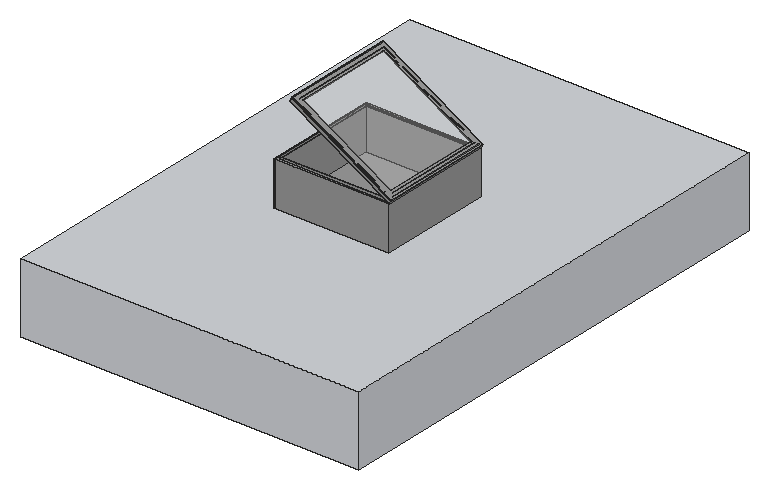
Revit family "Hager-Orion_Inox-IP66-D210-Cl.I-Inox_encl-630A-500mm-CH-it", category Equipement électrique, Revit 2020
Family settings
  Hôte = Face
  Configuration du panneau = Deux colonnes, circuits au sein
  Cote de connecteur circulaire = Utiliser le diamètre
  Type d'élément = Tableau de raccordement
  Couper avec des vides une fois chargée = Non
  Partagée = Non
  Point de calcul de pièce = Non
Parameters (values of type "A parete IP66 L500 A500 P210  - FL023TWL")
  Width Control [instance] = if([EF000008 - Larghezza] > Min Width, [EF000008 - Larghezza], Min Width)  # 500 mm
  Commentaires du type = [HG000003 - Gamma]  # "Orion Inox"
  Thickness Door [instance] = if([EF009171 - spessore materiale porta/coperchio] > 3 mm, 3 mm, [EF009171 - spessore materiale porta/coperchio])  # 1.5 mm
  Seal Frame Offset [instance] = 17 mm  # constant formula
  Model = ""
  Min Width [instance] = 100 mm  # constant formula
  Min Height [instance] = 100 mm  # constant formula
  Min Depth [instance] = (2 * [EF009170 - spessore materiale scatola]) + 1 mm  # 4 mm
  Internal Frame Depth [instance] = (Door System Depth * 0.5)  # 9 mm
  Height Control [instance] = if([EF000040 - Altezza] > Min Height, [EF000040 - Altezza], Min Height)  # 500 mm
  HG000027 - Altezza dello zoccolo = 0 mm
  HG000026 - A pavimento = no
  HG000024 - Altezza della sezione inferiore = 800 mm
  HG000023 - Custodia a doppia sezione = no
  HG000016 - Visibilità delle porte nella vista 3D [instance] = yes
  HG000015 - Visibilità attraverso la porta [instance] = no
  HG000014 - Porta destra [instance] = yes
  HG000013 - Porta sinistra [instance] = not([HG000014 - Porta destra])  # no
  HG000012 - Angolo di apertura della porta [instance] = 30.00°
  HG000010 - Porte asimmetriche = no
  HG000009 - Porta doppia a battente = no
  HG000006 - Ad incasso = no
  HG000004 - Codice produttore = "FL023TWL"
  HG000003 - Gamma = "Orion Inox"
  HG000002 - Con porta = yes
  Frame Offset Bottom [instance] = 10 mm  # constant formula
  Frame Offset [instance] = 15 mm  # constant formula
  EF015940 - Coprire con rilascio di sovrapressione = no
  EF011959 - tipo di protezione (NEMA) = ""
  EF009554 - numero delle aperture per la piastra della flangia = 0
  Fabricant = "Hager"  # constant formula
  EF009212 - esecuzione coperchio = "EV000116 - chiuso"
  EF009171 - spessore materiale porta/coperchio = 1.5 mm
  EF009170 - spessore materiale scatola = 1.5 mm
  EF008873 - corrente nominale (In) = 630 A
  EF007800 - adatto per parafulmine = no
  EF006306 - con serratura = yes
  EF006244 - coperchio/porta trasparente = yes
  EF005474 - grado di protezione (IP) = "EV006422 - IP66"
  EF004464 - tipo di porta = "EV002646 - singolo"
  EF004427 - numero di moduli = 0
  EF004293 - resistenza agli urti = "EV006814 - IK08"
  EF003532 - adatto per uso esterno = yes
  EF002950 - Numero moduli DIN = 0
  EF001613 - Integrità del circuito = "EV000494 - senza"
  EF001596 - Attacco Lampada = "EV000166 - acciaio inossidabile"
  EF001131 - profondità interna = 176 mm
  EF001088 - possibilità di applicazione = yes
  EF000437 - numero di ingressi per conduttori = 0
  EF000339 - tipo di copertura = "EV004216 - porta"
  EF000266 - numero di file = 0
  EF000218 - profondità di incasso = 0 mm
  EF000118 - con piastra di montaggio = no
  EF000116 - numero RAL = ""
  EF000049 - profondità = 210 mm
  EF000040 - Altezza = 500 mm
  EF000008 - Larghezza = 500 mm
  EF000007 - colore = "EV000154 - altri"
  EF000003 - Tipo di montaggio = "EV000384 - A parete"
  Door System Leaf Tolerance [instance] = 1.5 mm  # constant formula
  Door System Depth [instance] = 18 mm  # constant formula
  Depth Control [instance] = if([EF000049 - profondità] > Min Depth, [EF000049 - profondità], Min Depth)  # 210 mm
  Default Elevation = 0 mm
Types (8, lengths in mm): name | Width Control | HG000004 - Codice produttore | EF009212 - esecuzione coperchio | EF006306 - con serratura | EF006244 - coperchio/porta trasparente | EF004293 - resistenza agli urti | EF001613 - Integrità del circuito | EF000008 - Larghezza
  A parete IP66 L400 A500 P210  - FL021BW | 400 | "FL021BW" | "EV009916 - con taglio" | no | no | "EV008784 - IK10" | "" | 400
  A parete IP66 L400 A500 P210  - FL021BWL | 400 | "FL021BWL" | "EV009916 - con taglio" | no | no | "EV008784 - IK10" | "" | 400
  A parete IP66 L400 A500 P210  - FL021TW | 400 | "FL021TW" | "EV000116 - chiuso" | yes | yes | "EV006814 - IK08" | "EV000494 - senza" | 400
  A parete IP66 L400 A500 P210  - FL021TWL | 400 | "FL021TWL" | "EV000116 - chiuso" | yes | yes | "EV006814 - IK08" | "EV000494 - senza" | 400
  A parete IP66 L500 A500 P210  - FL023BW | 500 | "FL023BW" | "EV000116 - chiuso" | yes | no | "EV008784 - IK10" | "EV000494 - senza" | 500
  A parete IP66 L500 A500 P210  - FL023BWL | 500 | "FL023BWL" | "EV000116 - chiuso" | yes | no | "EV008784 - IK10" | "EV000494 - senza" | 500
  A parete IP66 L500 A500 P210  - FL023TW | 500 | "FL023TW" | "EV000116 - chiuso" | yes | yes | "EV006814 - IK08" | "EV000494 - senza" | 500
  A parete IP66 L500 A500 P210  - FL023TWL | 500 | "FL023TWL" | "EV000116 - chiuso" | yes | yes | "EV006814 - IK08" | "EV000494 - senza" | 500
Reference planes
  plane 1 "Center (Front/Back)": y = 0
  plane 2: z = 0
  plane 3 "Center (Left/Right)": x = 0
  plane 4: z = 210
  plane 5: y = 1.5
  plane 6: y = 250
  plane 7: y = 0
  plane 8: y = 500
  plane 9: z = 0
  plane 10: x = -235
  plane 11: x = 235
  plane 12: x = 233.5
  plane 13: x = -233.5
  plane 14: y = 498.5
  plane 15: x = -233
  plane 16: x = -250
  plane 17: x = 233
  plane 18: x = 250
  plane 19: x = 248.5
  plane 20: x = -248.5
  plane 21: y = 11.5
  plane 22: y = 500
  plane 23: y = 483.5
  plane 24: z = 192
  plane 25: z = 1.5
  plane 26: z = 190.5
  plane 27: z = 208.5
Forms (mm)
  Extrusion 1, solid
    sketch origin (0, 0, 0) x (1, 0, 0) y (0, 1, 0)
      loop
        line (-702.964, 1305) -> (-702.964, -811.445) -> (766.763, -811.445) -> (766.763, 1305) -> (-702.964, 1305)
    from 0 to -304.8
  Extrusion 2, solid, material "Hager_Stainless_Steel", detail levels medium+fine
    sketch origin (0, 0, 0) x (1, 0, 0) y (0, 1, 0)
      loop
        line (-250, 0) -> (250, 0) -> (250, 500) -> (-250, 500) -> (-250, 0)
    from 0 to 192
  Extrusion 3, solid, material "Hager_Steel_RAL 7035_Light_Grey", not visible, detail levels medium+fine
    sketch origin (0, 28.16, 50.802) x (0, 1, 0) y (0, 0, 1)
      loop
        line (273.34, -50.802) -> (273.34, 147.698)
        arc (273.34, 147.698) -> (270.411, 154.769) -> (263.34, 157.698) r 10
        line (263.34, 157.698) -> (233.34, 157.698) -> (233.34, -50.802) -> (273.34, -50.802)
    from -248.5 to 248.5
  Extrusion 4, void
    sketch origin (0, 0, 0) x (1, 0, 0) y (0, 1, 0)
      loop
        line (-248.5, 1.5) -> (248.5, 1.5) -> (248.5, 498.5) -> (-248.5, 498.5) -> (-248.5, 1.5)
    from 1.5 to 190.5
  Extrusion 5, void
    sketch origin (-381.607, -4572, 192) x (0, -1, 0) y (-1, 0, 0)
      loop
        line (-4583.5, -148.107) -> (-5055.5, -148.107) -> (-5055.5, -615.107) -> (-4583.5, -615.107) -> (-4583.5, -148.107)
    from 0 to 1.5 <- "EF009170 - spessore materiale scatola"
  Extrusion 6, solid, material "Hager_Stainless_Steel", detail levels fine
    sketch origin (-381.607, -4572, 192) x (-1, 0, 0) y (0, -1, 0)
      loop
        line (-148.107, -4583.5) -> (-615.107, -4583.5) -> (-615.107, -5055.5) -> (-148.107, -5055.5) -> (-148.107, -4583.5)
      loop
        line (-147.107, -4582) -> (-616.107, -4582) -> (-616.107, -5057) -> (-147.107, -5057) -> (-147.107, -4582)
    from 0 to 9 <- "Internal Frame Depth"
  Extrusion 7, solid, material "Hager_Stainless_Steel", detail levels coarse
    sketch origin (0, 0, 0) x (1, 0, 0) y (0, 1, 0)
      loop
        line (-250, 0) -> (250, 0) -> (250, 500) -> (-250, 500) -> (-250, 0)
    from 0 to 210
Cuts and joins
  Extrusion 4, Extrusion 5 cuts Extrusion 2
Lines and regions (mm)
  Masking region 1
    outline origin (0, 0, 0) x (1, 0, 0) y (0, 0, 1)
      loop
        line (-250, 210) -> (-250, 0) -> (250, 0) -> (250, 210) -> (-250, 210)
  Masking region 2, detail levels medium+fine
    outline origin (0, 140, 0) x (0, 1, 0) y (0, 0, 1)
      loop
        line (-140, 0) -> (360, 0) -> (360, 192) -> (-140, 192) -> (-140, 0)
  Masking region 3, not visible, detail levels medium+fine
    outline origin (0, 297.922, 0) x (0, 1, 0) y (0, 0, 1)
      loop
        line (-36.422, 0) -> (3.578, 0) -> (3.578, 198.5)
        arc (3.578, 198.5) -> (0.649, 205.571) -> (-6.422, 208.5) r 10
        line (-6.422, 208.5) -> (-36.422, 208.5) -> (-36.422, 0)
  Masking region 4, detail levels coarse
    outline origin (0, 0, 180) x (0, 1, 0) y (0, 0, 1)
      loop
        line (0, -180) -> (500, -180) -> (500, 30) -> (0, 30) -> (0, -180)
  Masking region 5
    outline origin (-381.607, -4572, 192) x (-1, 0, 0) y (0, -1, 0)
      loop
        line (-131.607, -5072) -> (-131.607, -4572) -> (-631.607, -4572) -> (-631.607, -5072) -> (-131.607, -5072)
Dimensions and locks
  "Depth Control": plane 4 to Extrusion 1
  "EF009170 - spessore materiale scatola": plane 5 to plane 7
  locked: connector elem to plane 3 "Center (Left/Right)"
  equal spacing: plane 8, plane 6, plane 7
  locked: connector elem to plane 6
  "EF009170 - spessore materiale scatola": plane 8 to plane 14
  "EF009170 - spessore materiale scatola": plane 10 to plane 13
  "EF009170 - spessore materiale scatola": plane 12 to plane 11
  "Frame Offset": plane 20 to plane 13
  "Frame Offset": plane 12 to plane 19
  "EF009170 - spessore materiale scatola": plane 16 to plane 20
  "EF009170 - spessore materiale scatola": plane 19 to plane 18
  "Seal Frame Offset": plane 16 to plane 15
  "Seal Frame Offset": plane 17 to plane 18
  "Frame Offset Bottom": plane 21 to plane 5
  "Frame Offset": plane 14 to plane 23
  equal spacing: plane 16, plane 3 "Center (Left/Right)", plane 18
  "Width Control": plane 16 to plane 18
  "EF009170 - spessore materiale scatola": plane 4 to plane 27
  "EF009170 - spessore materiale scatola": plane 24 to plane 26
  "EF009170 - spessore materiale scatola": plane 25 to level
  "Door System Depth": plane 4 to plane 24
  "Height Control": plane 1 "Center (Front/Back)" to Extrusion 7 sketch curve
  "Height Control": Masking region 4 sketch curve to plane 1 "Center (Front/Back)"
  "Thickness Door": Extrusion 6 sketch curve to plane 15
  "Thickness Door": plane 21 to Extrusion 6 sketch curve
  "Thickness Door": plane 17 to Extrusion 6 sketch curve
  "Thickness Door": Extrusion 6 sketch curve to plane 23
  "Height Control": plane 1 "Center (Front/Back)" to plane 22
  radius of Masking region 3 sketch curve = 10 mm
  radius of Extrusion 3 sketch curve = 10 mm
  aligned and locked: plane 2 to Extrusion 1
  aligned and locked: level to Extrusion 1
  aligned and locked: level to Masking region 1 sketch curve
  aligned and locked: Masking region 1 sketch curve to plane 18
  aligned and locked: Masking region 1 sketch curve to plane 16
  aligned and locked: plane 7 to Masking region 2 sketch curve
  aligned and locked: level to Masking region 3 sketch curve
  aligned and locked: Masking region 3 sketch curve to plane 27
  aligned and locked: level to Masking region 2 sketch curve
  aligned and locked: Extrusion 2 sketch curve to plane 7
  aligned and locked: plane 16 to Extrusion 2 sketch curve
  aligned and locked: plane 18 to Extrusion 2 sketch curve
  aligned and locked: Extrusion 3 sketch curve to level
  aligned and locked: plane 27 to Extrusion 3 sketch curve
  aligned and locked: plane 20 to Extrusion 3
  aligned and locked: plane 19 to Extrusion 3
  aligned and locked: plane 20 to Extrusion 4 sketch curve
  aligned and locked: plane 19 to Extrusion 4 sketch curve
  aligned and locked: Extrusion 4 sketch curve to plane 5
  aligned and locked: Extrusion 4 to plane 25
  aligned and locked: plane 26 to Extrusion 4
  aligned and locked: plane 24 to Extrusion 2
  aligned and locked: Extrusion 5 sketch curve to plane 21
  aligned and locked: Extrusion 5 sketch curve to plane 13
  aligned and locked: Extrusion 5 sketch curve to plane 12
  aligned and locked: plane 18 to Extrusion 7 sketch curve
  aligned and locked: plane 1 "Center (Front/Back)" to Extrusion 7 sketch curve
  aligned and locked: plane 16 to Extrusion 7 sketch curve
  aligned and locked: plane 4 to Extrusion 7
  aligned and locked: Extrusion 7 to level
  aligned and locked: level to Masking region 4 sketch curve
  aligned and locked: Masking region 4 sketch curve to plane 1 "Center (Front/Back)"
  aligned and locked: Masking region 4 sketch curve to plane 4
  aligned and locked: nested 1 to level
  aligned and locked: nested 1 to plane 16
  aligned and locked: plane 8 to Extrusion 2 sketch curve
  aligned and locked: plane 23 to Extrusion 5 sketch curve
  aligned and locked: plane 14 to Extrusion 4 sketch curve
  aligned and locked: Extrusion 6 sketch curve to plane 21
  aligned and locked: plane 13 to Extrusion 6 sketch curve
  aligned and locked: plane 23 to Extrusion 6 sketch curve
  aligned and locked: plane 12 to Extrusion 6 sketch curve
  aligned and locked: Masking region 2 sketch curve to plane 8
  aligned and locked: Masking region 2 sketch curve to plane 24
  aligned and locked: nested 2 to plane 3 "Center (Left/Right)"
  aligned and locked: nested 2 to plane 24
  aligned and locked: Masking region 5 sketch curve to plane 1 "Center (Front/Back)"
  aligned and locked: Masking region 5 sketch curve to plane 18
  aligned and locked: Masking region 5 sketch curve to plane 22
  aligned and locked: Masking region 5 sketch curve to plane 16
  aligned and locked: plane 8 to plane 22
  aligned and locked: plane 7 to plane 1 "Center (Front/Back)"
  aligned and locked: nested 2 to plane 1 "Center (Front/Back)"
Automatic sketch dimensions
  Extrusion 1 sketch curve to Extrusion 1 sketch curve = 1469.727 mm
  Extrusion 1 sketch curve to Extrusion 1 sketch curve = 2116.445 mm
  plane 6 to Masking region 3 sketch curve = 11.5 mm
  Masking region 3 sketch curve to Masking region 3 sketch curve = 30 mm
  plane 6 to Extrusion 3 sketch curve = 11.5 mm
  Extrusion 3 sketch curve to Extrusion 3 sketch curve = 30 mm
  Masking region 1 sketch curve to plane 4 = 0 mm
Nested families
  nested 1: "Hager_Enclosure_Symbol" at (-250, 0, 0) x (1, 0, 0) z (0, -1, 0), Height <- "Depth Control", Width <- "Width Control", type "Hager_Enclosure_Symbol"
    with Width_Ctrl 500 mm, Width 500 mm, Height_Ctrl 210 mm, Height 210 mm, A_Width_Int 13.781 mm, A_Width 165.375 mm, A_Height_Ctrl 183.75 mm, A_Height 183.75 mm
  nested 2: "EC000058_OrionInox_Door" at (0, 500, 192) x (1, 0, 0) z (0, -1, 0), Leaf_Tolerance <- "Door System Leaf Tolerance", Angle <- "HG000012 - Angolo di apertura della porta", Door_Depth <- "Door System Depth", Door_Left <- "HG000013 - Porta sinistra", Transparent <- "EF006244 - coperchio/porta trasparente", Assymetrical <- "HG000010 - Porte asimmetriche", Width <- "Width Control", Clearance <- "HG000015 - Visibilità attraverso la porta", Double <- "HG000009 - Porta doppia a battente", 3d_Door <- "HG000016 - Visibilità delle porte nella vista 3D", Width_Ctrl <- "Width Control", Door_Right <- "HG000014 - Porta destra", Door <- "HG000002 - Con porta", Height <- "Height Control", Thickness <- "Thickness Door", type "EC000058_OrionInox_Door", detail levels medium+fine
    with min_wh 4 mm, Width_Ctrl 500 mm, Width 500 mm, Transparent yes, Thickness 1.5 mm, Seal_Material Hager_Rubber, Leaf_Width 500 mm, Leaf_Tolerance_External_Sides 0 mm, Leaf_Tolerance 1.5 mm, Leaf_Offset 0 mm, Leaf_Height 497 mm, Leaf_2_Width 500 mm, Leaf_2_Offset 250 mm, Leaf_1_Width 500 mm, Leaf_1_Offset 250 mm, Height_Ctrl 500 mm, Height 500 mm, Glass_Material Hager_Glass, Double_Clearance_Ctrl no, Double no, Door_Right_Ctrl yes, Door_Right yes, Door_Material Hager_Stainless_Steel, Door_Left_Ctrl no, Door_Left no, Door_Depth 18 mm, Door yes, Clearance_Material Hager_Clearance, Clearance_Depth 500 mm, Clearance_Ctrl no, Clearance no, Assymetrical no, Angle 30.00°, 3d_Door yes
Connectors
  electrical at (0, 250, 0)
    settings: on plane 9, index 1, voltage 0 V, apparent load 0 VA, apparent load phase1 0 VA, apparent load phase2 0 VA, apparent load phase3 0 VA, power factor 1, load classification "Other", number of poles 1, system type 30, power factor state 1, is connector primary yes, connector utility no, sub classification motor no, connector description ""
Definition of nested family "EC000058_OrionInox_Door"
  Parameters (values of type "EC000058_OrionInox_Door")
    min_wh [instance] = (2 * Thickness) + 1 mm  # 11 mm
    Width_Ctrl [instance] = 400 mm
    Width [instance] = 500 mm
    Transparent [instance] = yes
    Thickness [instance] = 5 mm
    Seal_Material [instance] = none
    Leaf_Width [instance] = if((Width_Ctrl - 2 * Leaf_Tolerance_External_Sides) > 0 mm, (Width_Ctrl - 2 * Leaf_Tolerance_External_Sides), min_wh)  # 400 mm
    Leaf_Tolerance_External_Sides [instance] = 0 mm  # constant formula
    Leaf_Tolerance [instance] = 1.5 mm
    Leaf_Offset [instance] = 0 mm  # constant formula
    Leaf_Height [instance] = if((Height_Ctrl - 2 * Leaf_Tolerance) > 0 mm, (Height_Ctrl - 2 * Leaf_Tolerance), min_wh)  # 497 mm
    Leaf_2_Width [instance] = if(and(and(Double, Assymetrical), Door_Left), (Leaf_Width / 3) - (Leaf_Tolerance / 2), if(and(and(Double, Assymetrical), Door_Right), (Leaf_Width / 3) * 2 - (Leaf_Tolerance / 2), if(and(Double, not(Assymetrical)), (Leaf_Width / 2) - Leaf_Tolerance, Leaf_Width)))  # 400 mm
    Leaf_2_Offset [instance] = if(and(Double, Assymetrical), Leaf_2_Width / 2, if(and(Double, not(Assymetrical)), Leaf_Width / 4, Leaf_Width / 2))  # 200 mm
    Leaf_1_Width [instance] = if(and(and(Double, Assymetrical), Door_Right), (Leaf_Width / 3) - (Leaf_Tolerance / 2), if(and(and(Double, Assymetrical), Door_Left), (Width / 3) * 2 - (Leaf_Tolerance / 2), if(and(Double, not(Assymetrical)), (Leaf_Width / 2) - Leaf_Tolerance, Leaf_Width)))  # 400 mm
    Leaf_1_Offset [instance] = if(and(Double, Assymetrical), Leaf_1_Width / 2, if(and(Double, not(Assymetrical)), Leaf_Width / 4, Leaf_Width / 2))  # 200 mm
    Height_Ctrl [instance] = if(Height > min_wh, Height, min_wh)  # 500 mm
    Height [instance] = 500 mm
    Glass_Material [instance] = none
    Double_Clearance_Ctrl [instance] = and(Double, Clearance)  # no
    Double [instance] = no
    Door_Right_Ctrl [instance] = and(or(Door_Right, Double), Door)  # yes
    Door_Right [instance] = yes
    Door_Material [instance] = none
    Door_Left_Ctrl [instance] = and(or(Door_Left, Double), Door)  # no
    Door_Left [instance] = no
    Door_Depth [instance] = 30 mm
    Door [instance] = yes
    Default Elevation = 1219.2 mm
    Clearance_Material [instance] = none
    Clearance_Depth [instance] = if(Leaf_1_Width > Leaf_2_Width, Leaf_1_Width, Leaf_2_Width)  # 400 mm
    Clearance_Ctrl [instance] = and(not(Double), Clearance)  # yes
    Clearance [instance] = yes
    Assymetrical [instance] = yes
    Angle [instance] = 30.00°
    3d_Door [instance] = yes
  Reference planes
    plane 1 "Center (Front/Back)": y = 0
    plane 2 "Bottom": z = 0
    plane 3 "Center (Left/Right)": x = 0
    plane 4: z = 500
    plane 5: x = -200
    plane 6: x = 200
    plane 7: z = 500
    plane 8: x = -200
    plane 9: z = 0
    plane 10: x = 200
    plane 11: y = 0
    plane 12: z = 1.5
    plane 13: x = -600
    plane 14: y = -400
    plane 15: x = 600
    plane 16: x = 0
    plane 17: x = 0
    plane 18: x = -200
    plane 19: x = 200
    plane 20: z = 498.5
  Forms (mm)
    Extrusion 1, solid, material <- "Clearance_Material", visible <- "Double_Clearance_Ctrl"
      sketch origin (1200, 0, 0) x (1, 0, 0) y (0, 0, -1)
        loop
          line (-1800, -498.5) -> (-600, -498.5) -> (-600, 0) -> (-1800, 0) -> (-1800, -498.5)
      from 0 to -400
  Dimensions and locks
    equal spacing: plane 5, plane 3 "Center (Left/Right)", plane 6
    "Width_Ctrl": plane 5 to plane 6
    "Leaf_Offset": plane 5 to plane 8
    "Leaf_Offset": plane 6 to plane 10
    "Leaf_Offset": plane 9 to level
    "Leaf_Offset": plane 4 to plane 7
    "Height_Ctrl": plane 4 to level
    "Leaf_Tolerance": plane 12 to plane 9
    locked: plane 11 to plane 1 "Center (Front/Back)"
    "Leaf_1_Offset": plane 18 to plane 16
    "Leaf_2_Offset": plane 17 to plane 19
    "Leaf_1_Width": plane 13 to plane 8
    "Leaf_2_Width": plane 10 to plane 15
    "Clearance_Depth": plane 14 to plane 1 "Center (Front/Back)"
    "Leaf_Tolerance_External_Sides": plane 8 to plane 18
    "Leaf_Tolerance_External_Sides": plane 19 to plane 10
    "Leaf_Tolerance": plane 7 to plane 20
    aligned and locked: level to plane 2 "Bottom"
    aligned and locked: nested 1 to plane 16
    aligned and locked: nested 2 to plane 17
    aligned and locked: Extrusion 1 to plane 13
    aligned and locked: plane 15 to Extrusion 1
    aligned and locked: Extrusion 1 to plane 14
    aligned and locked: plane 12 to nested 1
    aligned and locked: nested 2 to plane 12
    aligned and locked: Extrusion 1 to plane 11
    aligned and locked: plane 20 to Extrusion 1
    aligned and locked: nested 2 to plane 11
    aligned and locked: nested 1 to plane 11
  Automatic sketch dimensions
    Extrusion 1 sketch curve to level = 0 mm
    plane 5 to Extrusion 1 sketch curve = 400 mm
    plane 6 to Extrusion 1 sketch curve = 400 mm
    Extrusion 1 sketch curve to plane 4 = 1.5 mm
  Nested families
    nested 1: "EC000058_OrionInox_Door_Leaf" at (0, 0, 1.5), Width <- "Leaf_1_Width", visible <- "Door_Left_Ctrl", Leaf_Height <- "Leaf_Height", Angle <- "Angle", 3d_Door <- "3d_Door", Transparent <- "Transparent", Clearance Material <- "Clearance_Material", Clearance <- "Clearance_Ctrl", Door_Material <- "Door_Material", Glass_Material <- "Glass_Material", Door_Depth <- "Door_Depth", Seal_Material <- "Seal_Material", Thickness <- "Thickness", type "EC000058_OrionInox_Door_Leaf"
      with Width 400 mm, Transparent_Ctrl yes, Transparent yes, Thickness 5 mm, Standard no, Seal_Material none, Seal_D2 8 mm, Seal_D1 1 mm, Offset_Internal_Frame 10 mm, Lock_Width 28 mm, Lock_Thickness 2 mm, Lock_Radius 6 mm, Leaf_Height 497 mm, Internal_Seal_Thickness 8 mm, Internal_Seal_Depth_2 4.5 mm, Internal_Frame_Depth 25 mm, Glass_Thickness -1 mm, Glass_Offset -2 mm, Glass_Material none, Door_Material none, Door_Depth 30 mm, Clearance Material none, Clearance yes, Angle_Ctrl 30.00°, Angle 30.00°, 3d_Door yes
    nested 2: "EC000058_OrionInox_Door_Leaf" at (0, 0, 1.5) x (-1, 0, 0) z (0, 0, 1), Width <- "Leaf_2_Width", visible <- "Door_Right_Ctrl", Leaf_Height <- "Leaf_Height", Angle <- "Angle", 3d_Door <- "3d_Door", Transparent <- "Transparent", Clearance Material <- "Clearance_Material", Clearance <- "Clearance_Ctrl", Door_Material <- "Door_Material", Glass_Material <- "Glass_Material", Door_Depth <- "Door_Depth", Seal_Material <- "Seal_Material", Thickness <- "Thickness", type "EC000058_OrionInox_Door_Leaf"
      with Width 400 mm, Transparent_Ctrl yes, Transparent yes, Thickness 5 mm, Standard no, Seal_Material none, Seal_D2 8 mm, Seal_D1 1 mm, Offset_Internal_Frame 10 mm, Lock_Width 28 mm, Lock_Thickness 2 mm, Lock_Radius 6 mm, Leaf_Height 497 mm, Internal_Seal_Thickness 8 mm, Internal_Seal_Depth_2 4.5 mm, Internal_Frame_Depth 25 mm, Glass_Thickness -1 mm, Glass_Offset -2 mm, Glass_Material none, Door_Material none, Door_Depth 30 mm, Clearance Material none, Clearance yes, Angle_Ctrl 30.00°, Angle 30.00°, 3d_Door yes
  Definition of nested family "EC000058_OrionInox_Door_Leaf"
    Parameters (values of type "EC000058_OrionInox_Door_Leaf")
      Width [instance] = 450 mm
      Transparent_Ctrl [instance] = and(Transparent, [3d_Door])  # yes
      Transparent [instance] = yes
      Thickness [instance] = 5 mm
      Standard [instance] = and(not(Transparent), [3d_Door])  # no
      Seal_Material [instance] = none
      Seal_D2 [instance] = 8 mm  # constant formula
      Seal_D1 [instance] = 1 mm  # constant formula
      Offset_Internal_Frame [instance] = 10 mm  # constant formula
      Lock_Width [instance] = Door_Depth - Lock_Thickness  # 28 mm
      Lock_Thickness [instance] = 2 mm  # constant formula
      Lock_Radius [instance] = 6 mm  # constant formula
      Leaf_Height [instance] = 450 mm
      Internal_Seal_Thickness [instance] = 8 mm  # constant formula
      Internal_Seal_Depth_2 [instance] = 4.5 mm  # constant formula
      Internal_Frame_Depth [instance] = if(Door_Depth - Thickness > 5 mm, Door_Depth - Thickness, 5 mm)  # 25 mm
      Glass_Thickness [instance] = if(Thickness > 15 mm, Glass_Offset + 10 mm, -1 mm)  # -1 mm
      Glass_Offset [instance] = if(Thickness > 15 mm, -(Thickness + 10 mm) / 2, -2 mm)  # -2 mm
      Glass_Material [instance] = none
      Door_Material [instance] = none
      Door_Depth [instance] = 30 mm
      Default Elevation = 0 mm
      Clearance Material [instance] = none
      Clearance [instance] = yes
      Angle_Ctrl [instance] = if(Angle > 180.00°, 180.00°, Angle)  # 90.00°
      Angle [instance] = 90.00°
      3d_Door [instance] = yes
    Reference planes
      plane 1 "Center (Front/Back)": y = 0
      plane 2: z = 0
      plane 3 "Center (Left/Right)": x = 0
      plane 4: y = 450
      plane 5: x = -225
      plane 6: x = 225
      plane 7: x = -675
      plane 8: z = 450
      plane 9: z = 30
      plane 10: z = 420
      plane 11: x = 195
      plane 12: x = -195
      plane 13: y = -3
      plane 14: z = 107.833
      plane 15: y = -5
      plane 16: y = -223.314
      plane 17: x = -225
      plane 18: y = 30
    Forms (mm)
      Extrusion 1, solid, material <- "Clearance Material", visible <- "Clearance"
        sketch origin (0, 0, 0) x (1, 0, 0) y (0, 0, 1)
          loop
            line (-675, 450) -> (-675, 0) -> (225, 0) -> (225, 450) -> (-675, 450)
        from 0 to -450
      Extrusion 2, solid, material <- "Door_Material", visible <- "Standard", detail levels medium+fine
        sketch origin (-225, 0, 0) x (0, 1, 0) y (-1, 0, 0)
          loop
            line (0, 30) -> (0, 25) -> (450, 25) -> (450, 30) -> (0, 30)
        from 0 to 450 <- "Leaf_Height"
      Extrusion 3, solid, material <- "Door_Material", visible <- "Transparent_Ctrl", detail levels medium+fine
        sketch origin (-225, 0, 0) x (0, 1, 0) y (-1, 0, 0)
          loop
            line (0, 25) -> (450, 25) -> (450, 30) -> (0, 30) -> (0, 25)
        from 0 to 450 <- "Leaf_Height"
      Extrusion 4, void
        sketch origin (-250, 450, 0) x (0, 1, 0) y (0, 0, -1)
          loop
            line (-30, -420) -> (-30, -30) -> (-420, -30) -> (-420, -420) -> (-30, -420)
        from 0 to 5 <- "Thickness"
      Sweep 5, solid, material <- "Seal_Material", visible <- "Transparent_Ctrl", detail levels fine
        path in 3D
          loop
            line (-250, 30, 30) -> (-250, 30, 420) -> (-250, 420, 420) -> (-250, 420, 30) -> (-250, 30, 30)
        profile origin (-250, 225, 30) x (1, 0, 0) y (0, 0, 1)
          loop
            line (0, 0) -> (0, -8) -> (1, -8) -> (1, 0) -> (0, 0)
      Extrusion 6, solid, material <- "Glass_Material", visible <- "Transparent_Ctrl", detail levels medium+fine
        sketch origin (-255, 0, 0) x (0, 1, 0) y (0, 0, -1)
          loop
            line (420, -420) -> (420, -30) -> (30, -30) -> (30, -420) -> (420, -420)
        from -2 <- "Glass_Offset" to -1 <- "Glass_Thickness"
      Extrusion 7, solid, material <- "Door_Material", visible <- "3d_Door", detail levels medium+fine
        sketch origin (-250, 450, 0) x (0, -1, 0) y (0, 0, -1)
          loop
            line (0, -450) -> (450, -450) -> (450, 0) -> (0, 0) -> (0, -450)
          loop
            line (445, -5) -> (5, -5) -> (5, -445) -> (445, -445) -> (445, -5)
        from 0 to 25 <- "Internal_Frame_Depth"
      Sweep 8, solid, material <- "Seal_Material", visible <- "Transparent_Ctrl", detail levels fine
        path in 3D
          loop
            line (-250, 0, 0) -> (-250, 450, 0) -> (-250, 450, 450) -> (-250, 0, 450) -> (-250, 0, 0)
        profile origin (-250, 0, 225) x (1, 0, 0) y (0, 1, 0)
          loop
            line (0, 10) -> (2.975, 10)
            arc (2.975, 10) -> (4.053, 10.447) -> (4.5, 11.525) r 1.525
            line (4.5, 11.525) -> (4.5, 16.527)
            arc (4.5, 16.527) -> (4.069, 17.569) -> (3.027, 18) r 1.473
            line (3.027, 18) -> (0, 18) -> (0, 10)
    Cuts and joins
      Extrusion 4 cuts Extrusion 3
    Lines and regions (mm)
      Masking region 1, detail levels medium+fine
        outline origin (0, 0, 0) x (0, 1, 0) y (0, 0, 1)
          loop
            line (0, 0) -> (30, 0) -> (30, 450) -> (0, 450) -> (0, 0)
      Masking region 2, detail levels medium+fine
        outline origin (0, 0, 0) x (1, 0, 0) y (0, 0, 1)
          loop
            line (-225, 450) -> (-225, 0) -> (225, 0) -> (225, 450) -> (-225, 450)
      symbolic lines
        curve 1: line (225, 0, 0) -> (-675, 0, 0)
        curve 2: arc (225, 0, 0) -> (-225, 450, 0) -> (-675, 0, 0) r 450
        curve 4: line (-255, 0, 0) -> (-255, 450, 0)
      reference lines
        curve 3: line (-225, 0, 0) -> (-225, 450, 0)
      symbolic lines, detail levels medium+fine
        curve 5: line (-255, 450, 0) -> (-250, 450, 0)
        curve 7: line (-250, 0, 0) -> (-255, 0, 0)
        curve 8: line (-250, 0, 0) -> (-225, 0, 0)
        curve 9: line (-225, 0, 0) -> (-225, 450, 0)
        curve 10: line (-225, 450, 0) -> (-250, 450, 0)
      symbolic lines, detail levels fine
        curve 6: line (-250, 450, 0) -> (-250, 0, 0)
      sketch lines
        curve 11: line (-250, 0, 450) -> (-250, 0, 0)
        curve 12: line (-250, 450, 0) -> (-250, 0, 0)
        curve 13: line (-250, 450, 450) -> (-250, 450, 0)
        curve 14: line (-250, 0, 450) -> (-250, 450, 450)
        curve 15: line (-250, 420, 30) -> (-250, 30, 30)
        curve 16: line (-250, 30, 30) -> (-250, 30, 420)
        curve 17: line (-250, 420, 420) -> (-250, 420, 30)
        curve 18: line (-250, 30, 420) -> (-250, 420, 420)
      symbolic lines, visible <- "Transparent", detail levels medium+fine
        curve 19: line (-195, 0, 420) -> (195, 0, 420)
        curve 20: line (-195, 0, 30) -> (-195, 0, 420)
        curve 21: line (195, 0, 30) -> (-195, 0, 30)
        curve 22: line (195, 0, 420) -> (195, 0, 30)
    Dimensions and locks
      "Width": plane 1 "Center (Front/Back)" to plane 4
      equal spacing: plane 5, plane 3 "Center (Left/Right)", plane 6
      "Width": plane 5 to plane 6
      "Width": plane 7 to plane 5
      "Leaf_Height": plane 8 to level
      "Width": curve 5 to curve 3
      "Width": curve 3 to curve 3
      plane 8 to plane 10 = 30 mm
      plane 9 to level = 30 mm
      plane 12 to plane 5 = 30 mm
      plane 6 to plane 11 = 30 mm
      Extrusion 4 sketch curve to Extrusion 3 = 30 mm
      Extrusion 3 to Extrusion 4 sketch curve = 30 mm
      Extrusion 1 to Extrusion 4 sketch curve = 30 mm
      curve 3 to Extrusion 4 sketch curve = 30 mm
      Extrusion 4 sketch curve to cut or joined group of Extrusion 3, Extrusion 4 = 30 mm
      cut or joined group of Extrusion 3, Extrusion 4 to Extrusion 6 sketch curve = 30 mm
      cut or joined group of Extrusion 3, Extrusion 4 to Extrusion 4 sketch curve = 30 mm
      "Thickness": curve 6 to curve 4
      "Thickness": Extrusion 7 sketch curve to Extrusion 7 sketch curve  (x4)
      "Door_Depth": curve 4 to curve 3
      "Offset_Internal_Frame": profile plane to Sweep 8 sketch curve
      "Internal_Seal_Thickness": Sweep 8 sketch curve to Sweep 8 sketch curve
      "Internal_Seal_Depth_2": profile plane to Sweep 8 sketch curve
      "Seal_D1": profile plane to Sweep 5 sketch curve
      "Seal_D2": profile plane to Sweep 5 sketch curve
      "Thickness": Extrusion 2 sketch curve to Extrusion 2 sketch curve
      "Door_Depth": plane 18 to plane 1 "Center (Front/Back)"
      radius of Sweep 8 sketch curve = 1.525 mm
      radius of Sweep 8 sketch curve = 1.473 mm
      "Angle_Ctrl": angle plane 1 "Center (Front/Back)" to curve 3
      aligned and locked: level to plane 2
      aligned and locked: Extrusion 1 to curve 1
      aligned and locked: plane 6 to Extrusion 1
      aligned and locked: plane 1 "Center (Front/Back)" to Extrusion 1
      aligned and locked: plane 4 to Extrusion 1
      aligned and locked: plane 8 to Extrusion 1
      aligned and locked: curve 7 to Extrusion 2 sketch curve
      aligned and locked: curve 5 to Extrusion 2 sketch curve
      aligned and locked: curve 7 to Extrusion 3 sketch curve
      aligned and locked: Extrusion 3 sketch curve to curve 4
      aligned and locked: Extrusion 3 sketch curve to curve 6
      aligned and locked: Extrusion 3 sketch curve to curve 5
      aligned and locked: curve 9 to curve 3
      aligned and locked: Extrusion 7 sketch curve to cut or joined group of Extrusion 3, Extrusion 4  (x4)
      aligned and locked: plane 17 to curve 3
      aligned and locked: plane 1 "Center (Front/Back)" to curve 3
      aligned and locked: plane 17 to plane 5
      aligned and locked: Sweep 8 sketch curve to profile plane
      aligned and locked: Sweep 5 sketch curve to profile plane  (x2)
      aligned and locked: plane 1 "Center (Front/Back)" to Masking region 1 sketch curve
      aligned and locked: plane 18 to Masking region 1 sketch curve
      aligned and locked: level to Masking region 1 sketch curve
      aligned and locked: Masking region 1 sketch curve to plane 8
      aligned and locked: plane 17 to Masking region 2 sketch curve
      aligned and locked: level to Masking region 2 sketch curve
      aligned and locked: Masking region 2 sketch curve to plane 8
      aligned and locked: plane 12 to curve 20
      aligned and locked: plane 10 to curve 19
      aligned and locked: plane 11 to curve 22
      aligned and locked: plane 9 to curve 21
      aligned and locked: Extrusion 2 sketch curve to cut or joined group of Extrusion 3, Extrusion 4
    Automatic sketch dimensions
      plane 1 "Center (Front/Back)" to curve 2 = 0 mm
      curve 2 to plane 5 = 0 mm
      Extrusion 1 sketch curve to level = 0 mm
      Extrusion 1 sketch curve to plane 7 = 0 mm
      Extrusion 1 sketch curve to plane 6 = 0 mm
      Extrusion 1 sketch curve to plane 8 = 0 mm
      Extrusion 3 to Extrusion 6 sketch curve = 30 mm  (x4)
      Masking region 2 sketch curve to plane 6 = 0 mm
      curve 4 to curve 3 = 0 mm
Definition of nested family "Hager_Enclosure_Symbol"
  Parameters (values of type "Hager_Enclosure_Symbol")
    Width_Ctrl [instance] = if(Width > 1 mm, Width, 1 mm)  # 102.27 mm
    Width [instance] = 102.27 mm
    Height_Ctrl [instance] = if(Height > 1 mm, Height, 1 mm)  # 66.5 mm
    A_Width_Int [instance] = if(A_Width / 12 > 2 mm, A_Width / 12, 2 mm)  # 4.364 mm
    A_Width [instance] = if(A_Height_Ctrl * 0.9 > 2 mm, A_Height_Ctrl * 0.9, 2 mm)  # 52.369 mm
    A_Height_Ctrl [instance] = if(A_Height > 2 mm, A_Height, 2 mm)  # 58.188 mm
    Height [instance] = 66.5 mm
    A_Height [instance] = Height - (Height / 8)  # 58.188 mm
  Reference planes
    plane 1 "Centre (avant/arrière)": y = 0
    plane 2: z = 0
    plane 3 "Centre (gauche/droite)": x = 0
    plane 4: x = 52.369
    plane 5: y = 33.042
    plane 6: y = 41.77
    plane 7: y = 66.5
    plane 8: x = 26.184
    plane 9: y = 37.406
    plane 10: x = 102.27
    plane 11: y = 66.5
    plane 12: y = 8.313
  Lines and regions (mm)
    Filled region 1, type "Solid_Black", in view "Niveau de réf."
      outline origin (0, 0, 0) x (1, 0, 0) y (0, 1, 0)
        loop
          line (52.369, 66.5) -> (33.188, 54.536) -> (45.365, 45.006) -> (52.369, 66.5)
    Filled region 2, type "Solid_Black", in view "Niveau de réf."
      outline origin (0, 0, 0) x (1, 0, 0) y (0, 1, 0)
        loop
          line (0, 0) -> (102.27, 0) -> (102.27, 66.5) -> (0, 0)
    detail lines, in view "Niveau de réf."
      curve 1: line (0, 8.313, 0) -> (26.184, 41.77, 0)
      curve 2: line (26.184, 41.77, 0) -> (26.184, 33.042, 0)
      curve 3: line (26.184, 33.042, 0) -> (52.369, 66.5, 0)
  Dimensions and locks
    "A_Width": plane 3 "Centre (gauche/droite)" to plane 4
    equal spacing: plane 3 "Centre (gauche/droite)", plane 8, plane 4
    equal spacing: plane 6, plane 9, plane 5
    equal spacing: curve 3, Filled region 1 sketch curve, Filled region 1 sketch curve
    "Height_Ctrl": plane 1 "Centre (avant/arrière)" to plane 11
    "A_Height_Ctrl": plane 11 to plane 12
    equal spacing: plane 11, plane 9, plane 12
    "A_Width_Int": plane 6 to plane 9
    "Width_Ctrl": plane 3 "Centre (gauche/droite)" to plane 10
    angle Filled region 1 sketch curve to curve 3 = 20.00°
    angle curve 3 to Filled region 1 sketch curve = 20.00°
    locked: curve 3 to Filled region 1 sketch curve (angle 90.00°)
    aligned and locked: plane 10 to Filled region 2
    aligned and locked: plane 11 to Filled region 2 sketch curve
    aligned and locked: plane 10 to Filled region 2 sketch curve
    aligned and locked: plane 3 "Centre (gauche/droite)" to curve 1
    aligned and locked: plane 12 to curve 1
    aligned and locked: plane 7 to plane 11
  Automatic sketch dimensions
    Filled region 1 sketch curve to plane 4 = 0 mm
    Filled region 1 sketch curve to plane 7 = 0 mm
    plane 1 "Centre (avant/arrière)" to Filled region 2 sketch curve = 0 mm
    Filled region 2 sketch curve to plane 3 "Centre (gauche/droite)" = 0 mm
    curve 2 to plane 6 = 0 mm
    curve 2 to plane 8 = 0 mm
    curve 3 to plane 4 = 0 mm
    curve 2 to plane 5 = 0 mm
    curve 3 to plane 7 = 0 mm
